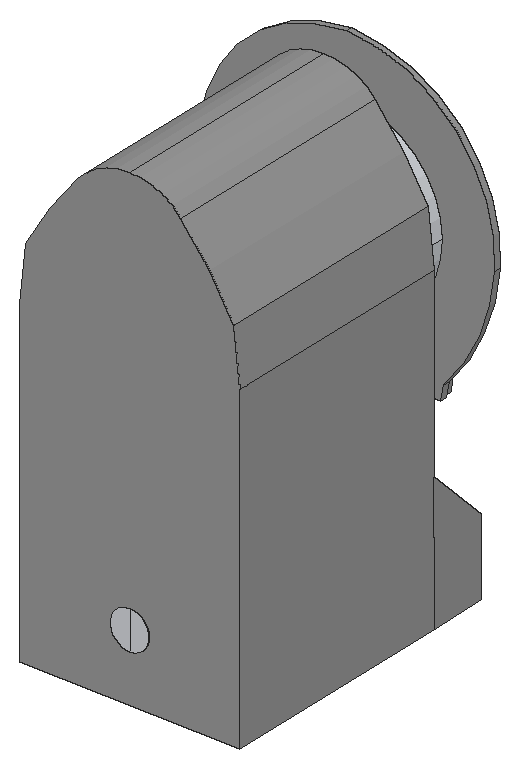
Revit family "Bariatric_Toilet-Willoughby-BETF-1490-FM-FA-TS", category Plumbing Fixtures, Revit 2015
Parameters (values of type "Standard")
  Waste DIA = 2 1/2"
  Waste Connection = yes
  Vent Connection = no
  URL = "https://www.willoughby-ind.com/wp-content/uploads/2018/01/BETF-1490-FM-FA.pdf"
  Type Comments = ""
  Revision = "A"
  Model = "BETF-1490-FM-FA-TS"
  Manufacturer = "Willoughby Industries"
  HW Connection = no
  Flush Inlet DIA = 1 1/2"
  Flush Inlet Connection = yes
  Fixture Body = Stainless Steel AISI 304-Willoughby
  Description = "Bariatric Toilet"
  Default Elevation = 0' - 0"
  Contact = "(800) 428-4065"
  CW Connection = no
Reference planes (in)
  plane 1 "Center (Front/Back)Floor": y = 0
  plane 2: z = 0
  plane 3 "Center (Left/Right)": x = 0
  plane 4 "Toilet Base HGT": y = 15.75
  plane 5 "Top Of Unit": y = 19.625
  plane 6: x = 7.125
  plane 7: x = -7.125
  plane 8: z = 20.875
  plane 9: z = 31
  plane 10: z = 31.5
  plane 11: z = 24.75
  plane 12: z = 29.375
  plane 13: x = 2
  plane 14: x = -2
  plane 15: z = 9
  plane 16: z = 5
  plane 17: z = 21.5
  plane 18: z = 27.6875
  plane 19: z = 13.125
  plane 20: x = 9.625
  plane 21: x = -9.625
  plane 22 "Waste HGT": y = 12.25
  plane 23: z = 4.375
Forms (in)
  Extrusion 1, solid, material "Stainless Steel AISI 304-Willoughby" <- "Fixture Body"
    sketch origin (0, 0, 0) x (1, 0, 0) y (0, 0, 1)
      loop
        line (7.125, 0) -> (7.125, 20.875)
        arc (7.125, 20.875) -> (7.03428, 22.67805) -> (6.76304, 24.46289) r 17.96324
        arc (6.76304, 24.46289) -> (5.19007, 27.08) -> (3.33041, 29.50181) r 26.87644
        arc (3.33041, 29.50181) -> (1.83129, 30.62012) -> (0, 31) r 4.32008
        arc (0, 31) -> (-1.83129, 30.62012) -> (-3.33041, 29.50181) r 4.32008
        arc (-3.33041, 29.50181) -> (-5.19007, 27.08) -> (-6.76304, 24.46289) r 26.87644
        arc (-6.76304, 24.46289) -> (-7.03428, 22.67805) -> (-7.125, 20.875) r 17.96324
        line (-7.125, 20.875) -> (-7.125, 0) -> (7.125, 0)
    from 0 to -15.75
  Extrusion 2, solid, material "Stainless Steel AISI 304-Willoughby" <- "Fixture Body"
    sketch origin (0, 0, 0) x (0, 1, 0) y (0, 0, 1)
      loop
        line (15.75, 8.875) -> (15.75, 0) -> (19.625, 0) -> (19.625, 5) -> (15.75, 8.875)
    from -7.125 to 7.125
  Extrusion 3, solid
    sketch origin (0, 15.75, 0) x (-1, 0, 0) y (0, 0, 1)
      loop
        circle (0, 21.5) r 6.1875
    from 0 to 1.875
  Extrusion 4, solid, material "Stainless Steel AISI 304-Willoughby" <- "Fixture Body"
    sketch origin (0, 15.75, 0) x (-1, 0, 0) y (0, 0, 1)
      loop
        line (-4.75, 12.125) -> (-4.75, 12.625) -> (4.75, 12.625) -> (4.75, 12.125) -> (6.125, 12.125) -> (6.30133, 13.125)
        arc (6.30133, 13.125) -> (8.61843, 16.71898) -> (9.625, 20.875) r 12.82342
        arc (9.625, 20.875) -> (7.07791, 28.23969) -> (0, 31.5) r 9.93325
        arc (0, 31.5) -> (-7.07791, 28.23969) -> (-9.625, 20.875) r 9.93325
        arc (-9.625, 20.875) -> (-8.61843, 16.71898) -> (-6.30133, 13.125) r 12.82342
        line (-6.30133, 13.125) -> (-6.125, 12.125) -> (-4.75, 12.125)
    from 1.875 to 2.25
  Blend 5, solid, material "Stainless Steel AISI 304-Willoughby" <- "Fixture Body"
    base sketch origin (0, 15.75, 0) x (-1, 0, 0) y (0, 0, 1)
      loop
        line (-4.60785, 12.15929) -> (-4.60785, 12.40929) -> (4.64215, 12.40929) -> (4.64215, 12.15929) -> (5.98395, 12.15929) -> (6.22068, 14.59691)
        arc (6.22068, 14.59691) -> (8.11105, 18.09183) -> (8.6336, 22.03074) r 10.97859
        arc (8.6336, 22.03074) -> (5.98369, 28.04088) -> (0, 30.75) r 9.19603
        arc (0, 30.75) -> (-5.98369, 28.04088) -> (-8.6336, 22.03074) r 9.19603
        arc (-8.6336, 22.03074) -> (-8.11105, 18.09183) -> (-6.22068, 14.59691) r 10.97859
        line (-6.22068, 14.59691) -> (-5.98395, 12.15929) -> (-4.60785, 12.15929)
    top sketch origin (0, 15.75, 0) x (-1, 0, 0) y (0, 0, 1)
      loop
        arc (6.22944, 13.99176) -> (8.35674, 17.14799) -> (9.12911, 20.875) r 9.85348
        arc (9.12911, 20.875) -> (6.86364, 28.01045) -> (0, 31) r 9.05259
        arc (0, 31) -> (-6.86364, 28.01045) -> (-9.12911, 20.875) r 9.05259
        arc (-9.12911, 20.875) -> (-8.34629, 17.12327) -> (-6.19132, 13.954) r 9.85348
        line (-6.19132, 13.954) -> (-6.01467, 12.135) -> (-4.5826, 12.135) -> (-4.5826, 12.385) -> (4.63006, 12.385) -> (4.63006, 12.125) -> (5.99156, 12.125) -> (6.22944, 13.99176)
    from 2.875 to 2.25
  Extrusion 6, solid, material "Stainless Steel AISI 304-Willoughby" <- "Fixture Body"
    sketch origin (0, 19.625, 0) x (-1, 0, 0) y (0, 0, 1)
      loop
        circle (0, 2.5) r 0.75
    from 0 to 1.125
  Revolve 7, solid
    sketch origin (0, 0, 0) x (0, 1, 0) y (0, 0, 1)
      loop
        line (0, 4.375) -> (2.25, 4.375) -> (2.25, 5.625) -> (0, 5.625) -> (0, 4.375)
      axis (0, 4.375) -> (2.25, 4.375)
    angle from 0 to 360
Lines and regions (in)
  symbolic lines
    curve 1: line (0, 15.75, 8.875) -> (0, 15.75, 31)
    curve 2: line (0, 15.75, 31) -> (0, 0, 31)
    curve 3: line (0, 0, 31) -> (0, 0, 0)
    curve 4: line (0, 0, 0) -> (0, 15.75, 0)
    curve 11: line (0, 18, 12.125) -> (0, 17.625, 12.125)
    curve 16: line (0, 15.75, 8.875) -> (0, 19.625, 5)
    curve 17: line (0, 19.625, 5) -> (0, 19.625, 0)
    curve 18: line (0, 19.625, 0) -> (0, 15.75, 0)
    curve 22: line (7.125, 19.625, -0.25) -> (7.125, 19.625, 14.12365)
    curve 23: arc (7.125, 19.625, 14.12365) -> (8.85852, 19.625, 17.32028) -> (9.625, 19.625, 20.875) r 12.82342
    curve 24: arc (9.625, 19.625, 20.875) -> (9.10381, 19.625, 24.81755) -> (7.07791, 19.625, 28.23969) r 9.93325
    curve 25: arc (7.07791, 19.625, 28.23969) -> (3.87202, 19.625, 30.5929) -> (0, 19.625, 31.5) r 9.93325
    curve 26: arc (0, 19.625, 31.5) -> (-3.87202, 19.625, 30.5929) -> (-7.07791, 19.625, 28.23969) r 9.93325
    curve 27: arc (-7.07791, 19.625, 28.23969) -> (-9.10381, 19.625, 24.81755) -> (-9.625, 19.625, 20.875) r 9.93325
    curve 28: arc (-9.625, 19.625, 20.875) -> (-8.85852, 19.625, 17.32028) -> (-7.125, 19.625, 14.12365) r 12.82342
    curve 29: line (-7.125, 19.625, 14.12365) -> (-7.125, 19.625, 0)
    curve 30: line (-7.125, 19.625, 0) -> (7.125, 19.625, 0)
    curve 57: line (7.125, 19.625, 0) -> (-7.125, 19.625, 0)
    curve 58: line (-7.125, 19.625, 0) -> (-7.125, 0, 0)
    curve 59: line (-7.125, 0, 0) -> (7.125, 0, 0)
    curve 60: line (7.125, 0, 0) -> (7.125, 19.625, 0)
    curve 61: line (-6.76304, 15.75, 0) -> (-6.76304, 0, 0)
    curve 62: line (-7.125, 15.75, 0) -> (7.125, 15.75, 0)
    curve 63: line (6.1875, 17.625, 0) -> (6.1875, 15.75, 0)
    curve 64: line (-6.17726, 15.75, 0) -> (-6.17726, 17.625, 0)
    curve 65: line (-6.17726, 17.625, 0) -> (6.1875, 17.625, 0)
    curve 75: line (6.76304, 15.75, 0) -> (6.76304, 0, 0)
  symbolic lines, detail levels medium+fine
    curve 5: line (0, 15.75, 15.375) -> (0, 17.625, 15.375)
    curve 6: line (0, 17.625, 15.375) -> (0, 17.625, 27.6875)
    curve 7: line (0, 17.625, 27.6875) -> (0, 15.75, 27.6875)
    curve 8: line (0, 17.625, 27.6875) -> (0, 17.625, 31.5)
    curve 9: line (0, 17.625, 31.5) -> (0, 18, 31.5)
    curve 10: line (0, 18, 31.5) -> (0, 18, 12.125)
    curve 12: line (0, 17.625, 12.125) -> (0, 17.625, 15.375)
    curve 13: line (0, 18, 12.125) -> (0, 18.625, 12.15929)
    curve 14: line (0, 18.625, 12.15929) -> (0, 18.625, 30.75)
    curve 15: line (0, 18.625, 30.75) -> (0, 18, 31)
    curve 31: line (-7.125, 19.625, 5) -> (7.125, 19.625, 5)
    curve 32: line (-7.125, 19.625, 8.875) -> (7.125, 19.625, 8.875)
    curve 33: line (-7.125, 19.625, 14.12365) -> (-6.30133, 19.625, 13.125)
    curve 34: line (-6.30133, 19.625, 13.125) -> (-6.125, 19.625, 12.125)
    curve 35: line (-6.125, 19.625, 12.125) -> (-4.75, 19.625, 12.125)
    curve 36: line (-4.75, 19.625, 12.125) -> (-4.75, 19.625, 12.625)
    curve 37: line (-4.75, 19.625, 12.625) -> (4.75, 19.625, 12.625)
    curve 38: line (4.75, 19.625, 12.625) -> (4.75, 19.625, 12.125)
    curve 39: line (4.75, 19.625, 12.125) -> (6.125, 19.625, 12.125)
    curve 40: line (6.125, 19.625, 12.125) -> (6.30133, 19.625, 13.125)
    curve 41: arc (6.30133, 19.625, 13.125) -> (6.72577, 19.625, 13.61393) -> (7.125, 19.625, 14.12365) r 12.82342
    curve 53: line (0, 17.625, 12.125) -> (0, 18, 12.125)
    curve 66: line (-6.17726, 17.625, 0) -> (-9.6494, 17.625, 0)
    curve 67: line (-9.6494, 17.625, 0) -> (-9.6494, 18, 0)
    curve 68: line (-9.6494, 18, 0) -> (-9.12911, 18, 0)
    curve 69: line (-9.12911, 18, 0) -> (-8.6336, 18.625, 0)
    curve 70: line (-8.6336, 18.625, 0) -> (8.64736, 18.625, 0)
    curve 71: line (8.64736, 18.625, 0) -> (9.14287, 18, 0)
    curve 72: line (9.14287, 18, 0) -> (9.6494, 18, 0)
    curve 73: line (9.6494, 18, 0) -> (9.6494, 17.625, 0)
    curve 74: line (6.1875, 17.625, 0) -> (9.6494, 17.625, 0)
  symbolic lines, detail levels fine
    curve 19: line (0, 19.625, 1.75) -> (0, 20.75, 1.75)
    curve 20: line (0, 20.75, 1.75) -> (0, 20.75, 3.25)
    curve 21: line (0, 20.75, 3.25) -> (0, 19.625, 3.25)
    curve 42: line (-6.22068, 19.625, 14.59691) -> (-5.98395, 19.625, 12.15929)
    curve 43: line (-5.98395, 19.625, 12.15929) -> (-4.64215, 19.625, 12.15929)
    curve 44: line (-4.64215, 19.625, 12.15929) -> (-4.64215, 19.625, 12.385)
    curve 45: line (-4.64215, 19.625, 12.385) -> (4.60785, 19.625, 12.385)
    curve 46: line (4.60785, 19.625, 12.385) -> (4.60785, 19.625, 12.15929)
    curve 47: line (4.60785, 19.625, 12.15929) -> (5.98395, 19.625, 12.15929)
    curve 48: line (5.98395, 19.625, 12.15929) -> (6.22068, 19.625, 14.59691)
    curve 49: arc (6.22068, 19.625, 14.59691) -> (7.91817, 19.625, 17.54689) -> (8.63061, 19.625, 20.875) r 10.97859
    curve 50: arc (8.63061, 19.625, 20.875) -> (6.37958, 19.625, 27.61664) -> (0, 19.625, 30.75) r 9.21317
    curve 51: arc (0, 19.625, 30.75) -> (-6.36999, 19.625, 27.60827) -> (-8.63061, 19.625, 20.875) r 9.24339
    curve 52: arc (-8.63061, 19.625, 20.875) -> (-7.89379, 19.625, 17.55625) -> (-6.22068, 19.625, 14.59691) r 11.52349
    curve 54: line (0.75, 19.625, 0) -> (0.75, 20.75, 0)
    curve 55: line (0.75, 20.75, 0) -> (-0.75, 20.75, 0)
    curve 56: line (-0.75, 20.75, 0) -> (-0.75, 19.625, 0)
Dimensions and locks (in)
  plane 9 to level = 2' - 7"
  plane 1 "Center (Front/Back)Floor" to plane 4 "Toilet Base HGT" = 1' - 3 3/4"
  plane 1 "Center (Front/Back)Floor" to plane 5 "Top Of Unit" = 1' - 7 5/8"
  plane 7 to plane 6 = 1' - 2 1/4"
  plane 10 to level = 2' - 7 1/2"
  plane 4 "Toilet Base HGT" to plane 1 "Center (Front/Back)Floor" = 1' - 3 3/4"
  level to plane 10 = 2' - 7 1/2"
  plane 6 to plane 7 = 1' - 2 1/4"
  aligned and locked: Extrusion 1 to plane 7
  aligned and locked: Extrusion 1 to level
  aligned and locked: Extrusion 2 to plane 4 "Toilet Base HGT"
  aligned and locked: plane 5 "Top Of Unit" to Extrusion 2
  aligned and locked: Extrusion 2 to level
  aligned and locked: plane 6 to Extrusion 2
  aligned and locked: Extrusion 2 to plane 7
  aligned and locked: curve 62 to curve 75
  aligned and locked: curve 75 to Extrusion 1
  aligned and locked: Revolve 7 sketch curve to Revolve 7 sketch curve
Connectors (in)
  piping at (0, 20.75, 2.5), diameter 1.5, driven by "Flush Inlet DIA", driven by "Flush Inlet Connection"
    settings: on Extrusion 6, index 2, connector inside diameter 24", connector length 0' - 0", flow factor 0, pipe flow 0 GPM, pressure drop 0.00 psi, fitting loss kfactor 0, connector angle 0.00°, fixture units 0, engagement length 0' - 0", angle of deflection 0.00°, flow configuration 0, flow direction 1, fitting loss method 0, system type 20, joint type 0, gender type 0, connector reference index -1, connector utility 1, adjustable connector no, is connector primary yes, connector description "Flush Inlet"
  piping at (0, 0, 4.375), diameter 24
    settings: on Revolve 7, index 3, connector inside diameter 24", connector length 0' - 0", flow factor 0, pipe flow 0 GPM, pressure drop 0.00 psi, fitting loss kfactor 0, connector angle 0.00°, fixture units 0, engagement length 0' - 0", angle of deflection 0.00°, flow configuration 0, flow direction 0, fitting loss method 0, system type 7, joint type 0, gender type 0, connector reference index -1, connector utility 0, adjustable connector no, is connector primary no, connector description ""
